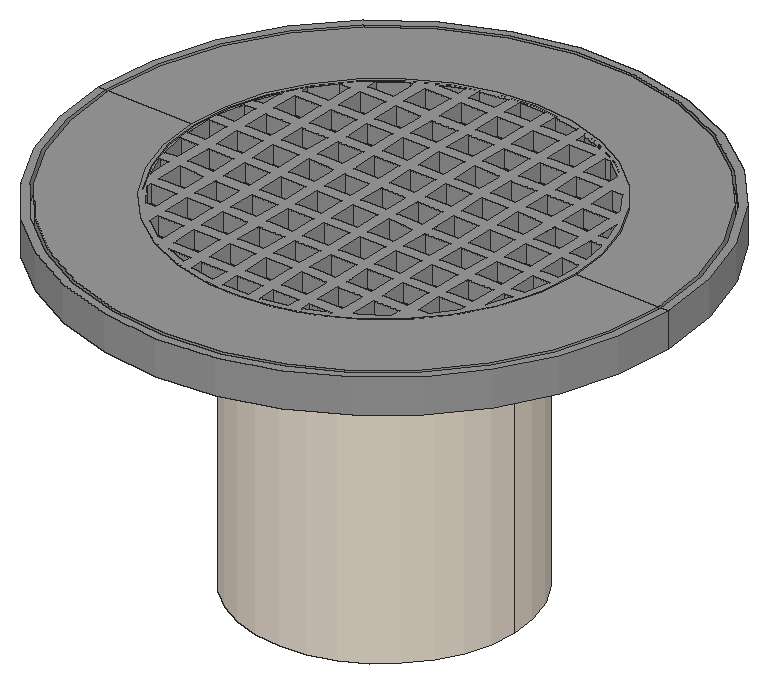
Revit family "Drain_Floor_Adjustable_Zurn-FD2210", category Plumbing Fixtures, Revit 2022
Family settings
  Round Connector Dimension = Use Radius
  Part Type = Normal
  OmniClass Number = 23.70.50.21.24.14
  OmniClass Title = Deck Waste Water Drains
  Work Plane-Based = No
  Always vertical = Yes
  Cut with Voids When Loaded = No
  Maintain Annotation Orientation = No
  Shared = No
  Room Calculation Point = No
Parameters (values of type "FD2210-AB2-2 Inch Outlet")
  Width = 5.188"  # constant formula
  Waste Connection = 0 = 0  # yes
  WFU = 1  # constant formula
  Vent Connection = 0 = 1  # no
  URL = "www.zurn.com"
  Type Comments = ""
  Product data url = "https://www.bimobject.com/en/zurnindustries/product/zurn-fd2210-pv3"
  Product Page URL = "https://www.zurn.com/products/drainage-interceptors/floor-drains/finish-floor-drains/fd2210"
  Product Documentation Link = "https://files.zurn.com/spec-sheets/63746.pdf"
  Pipe Size A (Inner Radius) = 1.034"
  Pipe Size A (Outer Radius) = 1.188"
  Pipe Size A  (Nominal Radius) = 1.000"
  Modified Date = "10/24/2025"  # constant formula
  Model = "FD2210"  # constant formula
  Manufacurer Brand = "Zurn"  # constant formula
  Manufacturer = "Zurn Water, LLC"  # constant formula
  Grate = 1.720"  # constant formula
  Head and Grate = Bronze - Zurn - Polished Nickel
  Enter Value-Frame Adjustment Height [instance] = 1.000"
  Body Height (B) = 2.125"
  HWFU = 0  # constant formula
  HW Connection = 0 = 1  # no
  Grate Open Area Sq.in = 7.000"  # constant formula
  Description = "Adjustable Floor Drain"  # constant formula
  Default Elevation = 25.000"  # constant formula
  Date Created = "09/20/2019"  # constant formula
  CWFU = 0  # constant formula
  Main Material = Acrylonitrile Butadiene Styrene - Zurn - Polished
  CW Connection = 0 = 1  # no
  Assembly Code = "D2030300"
  Frame Adjustment Height [instance] = if([Enter Value-Frame Adjustment Height] < 0.875", 0.875", if([Enter Value-Frame Adjustment Height] > 1.750", 1.750", [Enter Value-Frame Adjustment Height]))  # 1.000"
Types (7): name | Pipe Size A (Inner Radius) | Pipe Size A (Outer Radius) | Pipe Size A  (Nominal Radius) | Body Height (B) | Main Material
  (no name) | 1.034" | 1.188" | 1.000" | 2.125" | Acrylonitrile Butadiene Styrene - Zurn - Polished
  FD2210-PV2-2 Inch Outlet | 1.034" | 1.188" | 1.000" | 2.125" | Polyvinyl Chloride - Zurn - Polished
  FD2210-PV3-3 Inch Outlet | 1.534" | 1.750" | 1.500" | 2.188" | Polyvinyl Chloride - Zurn - Polished
  FD2210-PV4-4 Inch Outlet | 2.013" | 2.250" | 2.000" | 2.188" | Polyvinyl Chloride - Zurn - Polished
  FD2210-AB2-2 Inch Outlet | 1.034" | 1.188" | 1.000" | 2.125" | Acrylonitrile Butadiene Styrene - Zurn - Polished
  FD2210-AB3-3 Inch Outlet | 1.534" | 1.750" | 1.500" | 2.188" | Acrylonitrile Butadiene Styrene - Zurn - Polished
  FD2210-AB4-4 Inch Outlet | 2.013" | 2.250" | 2.000" | 2.188" | Acrylonitrile Butadiene Styrene - Zurn - Polished
Reference planes (in)
  plane 1 "Center (Front/Back)": y = 0
  plane 2: z = 0
  plane 3 "Center (Left/Right)": x = 0
  plane 4: z = -3.125
  plane 5: x = -2.594
  plane 6: x = 2.594
  plane 7: z = -1
  plane 8: x = 2.529
  plane 9: x = 0.846
  plane 10: z = -0.15514
  plane 11: z = -2.25
  plane 12: x = -1.188
  plane 13: x = 1.188
  plane 14: z = -1.5
  plane 15: x = -1.034
  plane 16: x = 1.034
  plane 17: z = -0.3125
  plane 18: x = 1.16547
  plane 19: x = 2.5
  plane 20: z = -0.125
  plane 21: x = 2
  plane 22: x = 1.67524
  plane 23: y = 2.594
  plane 24: y = -2.594
  plane 25: z = -0.22754
  plane 26: y = 1.188
  plane 27: y = -1.188
  plane 28: x = -1.188
  plane 29: x = 1.188
  plane 30: y = 0.58333
  plane 31: y = 1.75
  plane 32: y = -1.75
  plane 33: y = 1.16667
  plane 34: y = -0.58333
  plane 35: y = -1.16667
  plane 36: x = -1.75
  plane 37: x = 1.75
  plane 38: x = -1.16667
  plane 39: x = -0.58333
  plane 40: x = 0.58333
  plane 41: x = 1.16667
Forms (in)
  Revolve 1, solid, material "Bronze - Zurn - Polished Nickel" <- "Head and Grate", detail levels fine
    sketch origin (0, 0, 0) x (1, 0, 0) y (0, 0, 1)
      loop
        line (0.846, -0.36438) -> (0.846, -1.5) -> (1.034, -1.5) -> (1.034, -0.44397) -> (1.16547, -0.3125) -> (2.594, -0.3125) -> (2.594, 0) -> (2.529, 0) -> (2.529, -0.15514) -> (1.03474, -0.15514) -> (0.846, -0.36438)
      axis (0, 0) -> (0, -1.5)
    angle from 0 to 360
  Revolve 2, solid, material "Acrylonitrile Butadiene Styrene - Zurn - Polished" <- "Main Material", detail levels fine
    sketch origin (0, 0, 0) x (1, 0, 0) y (0, 0, 1)
      loop
        line (1.034, -1) -> (1.034, -3.125) -> (1.188, -3.125) -> (1.188, -1) -> (1.034, -1)
      axis (0, -3.125) -> (0, -1)
    angle from 0 to 360
  Revolve 3, solid, material "Bronze - Zurn - Polished Nickel" <- "Head and Grate", detail levels fine
    sketch origin (0, 0, 0) x (1, 0, 0) y (0, 0, 1)
      loop
        line (2, -0.125) -> (2.5, -0.125) -> (2.5, 0) -> (0, 0) -> (0, -0.3125) -> (1.67524, -0.3125) -> (2, -0.125)
      axis (0, 0) -> (0, -0.3125)
    angle from 0 to 360
  Extrusion 4, void, detail levels fine
    sketch origin (0, 0, 0) x (1, 0, 0) y (0, 1, 0)
      loop
        circle (0, 0) r 1.72
    from -0.22754 to 0
Cuts and joins
  Extrusion 4 cuts Revolve 3
Lines and regions (in)
  Masking region 1, detail levels fine
    outline origin (0, 0, 0) x (1, 0, 0) y (0, 1, 0)
      loop
        circle (0, 0) r 2.594
  model lines, detail levels coarse+medium
    curve 1: circle (0, 0, 0) r 2.594 normal (0, 0, 1)
    curve 2: circle (0, 0, 0) r 1.75 normal (0, 0, 1)
    curve 3: line (0, 0, 0) -> (0, 0, -3.125)
    curve 4: line (0, 1.188, -3.125) -> (0, -1.188, -3.125)
    curve 5: line (-1.188, 0, -3.125) -> (1.188, 0, -3.125)
    curve 6: line (-1.16667, 1.30437, 0) -> (-1.16667, -1.30437, 0)
    curve 7: line (-0.58333, 1.64992, 0) -> (-0.58333, -1.64992, 0)
    curve 8: line (0, 1.75, 0) -> (0, -1.75, 0)
    curve 9: line (1.16667, 1.30437, 0) -> (1.16667, -1.30437, 0)
    curve 10: line (0.58333, 1.64992, 0) -> (0.58333, -1.64992, 0)
    curve 11: line (-1.30437, 1.16667, 0) -> (1.30437, 1.16667, 0)
    curve 12: line (-1.64992, 0.58333, 0) -> (1.64992, 0.58333, 0)
    curve 13: line (-1.75, 0, 0) -> (1.75, 0, 0)
    curve 14: line (-1.30437, -1.16667, 0) -> (1.30437, -1.16667, 0)
    curve 15: line (-1.64992, -0.58333, 0) -> (1.64992, -0.58333, 0)
Dimensions and locks (in)
  equal spacing: plane 6, plane 3 "Center (Left/Right)", plane 5
  "Width": plane 6 to plane 5
  "Frame Adjustment Height": level to plane 7
  plane 6 to plane 8 = 0.065"
  "Body Height (B)": plane 7 to plane 4
  plane 7 to plane 11 = 1.250"
  plane 11 to plane 4 = 0.875"
  locked: plane 7 to plane 14 at 0.5
  equal spacing: plane 13, plane 3 "Center (Left/Right)", plane 12
  "Pipe Size A (Outer Radius)": plane 13 to plane 3 "Center (Left/Right)"
  "Pipe Size A (Outer Radius)": plane 3 "Center (Left/Right)" to plane 12
  equal spacing: plane 16, plane 3 "Center (Left/Right)", plane 15
  plane 16 to plane 15 = 2.068"
  plane 16 to plane 9 = 0.188"  (x2)
  "Pipe Size A (Inner Radius)": plane 3 "Center (Left/Right)" to plane 15
  "Pipe Size A (Inner Radius)": plane 16 to plane 3 "Center (Left/Right)"
  level to plane 17 = 0.3125"
  plane 18 to plane 16 = 0.13147"
  level to plane 10 = 0.15514"
  plane 10 to plane 17 = 0.15736"
  plane 19 to plane 3 "Center (Left/Right)" = 2.500"
  plane 5 to plane 6 = 5.188"
  plane 15 to plane 16 = 2.068"
  equal spacing: plane 23, plane 1 "Center (Front/Back)", plane 24
  "Width": plane 23 to plane 24
  level to plane 25 = 0.22754"
  "Pipe Size A (Outer Radius)": plane 26 to plane 1 "Center (Front/Back)"
  "Pipe Size A (Outer Radius)": plane 1 "Center (Front/Back)" to plane 27
  "Pipe Size A (Outer Radius)": plane 28 to plane 3 "Center (Left/Right)"
  "Pipe Size A (Outer Radius)": plane 3 "Center (Left/Right)" to plane 29
  equal spacing: plane 31, plane 1 "Center (Front/Back)", plane 32
  plane 31 to plane 1 "Center (Front/Back)" = 1.750"
  plane 31 to plane 33 to plane 30 to plane 1 "Center (Front/Back)" to plane 34 to plane 35 to plane 32 = 0.58333", 0.58333", 0.58333", 0.58333", 0.58333", 0.58333"
  equal spacing: plane 36, plane 3 "Center (Left/Right)", plane 37
  plane 36 to plane 3 "Center (Left/Right)" = 1.750"
  plane 36 to plane 38 to plane 39 to plane 3 "Center (Left/Right)" to plane 40 to plane 41 to plane 37 = 0.58333", 0.58333", 0.58333", 0.58333", 0.58333", 0.58333"
  "Grate": radius of Extrusion 4 sketch curve
  aligned and locked: plane 2 to level
  aligned and locked: plane 6 to Revolve 1 sketch curve
  aligned and locked: Revolve 1 sketch curve to level
  aligned and locked: Revolve 1 sketch curve to plane 9
  aligned and locked: plane 8 to Revolve 1 sketch curve
  aligned and locked: plane 14 to Revolve 1 sketch curve
  aligned and locked: plane 4 to Revolve 2 sketch curve  (x2)
  aligned and locked: Revolve 2 sketch curve to plane 13
  aligned and locked: Revolve 2 sketch curve to plane 7
  aligned and locked: plane 3 "Center (Left/Right)" to Revolve 2 sketch curve
  aligned and locked: plane 16 to Revolve 1 sketch curve
  aligned and locked: plane 16 to Revolve 2 sketch curve
  aligned and locked: plane 10 to Revolve 1 sketch curve
  aligned and locked: Revolve 3 sketch curve to plane 3 "Center (Left/Right)"  (x2)
  aligned and locked: Revolve 1 sketch curve to plane 17
  aligned and locked: plane 18 to Revolve 1 sketch curve
  aligned and locked: plane 19 to Revolve 3 sketch curve
  aligned and locked: level to Revolve 3 sketch curve
  aligned and locked: Revolve 3 sketch curve to plane 17
  aligned and locked: plane 20 to Revolve 3 sketch curve
  aligned and locked: plane 22 to Revolve 3 sketch curve
  aligned and locked: plane 21 to Revolve 3 sketch curve
  aligned and locked: plane 3 "Center (Left/Right)" to Extrusion 4 sketch curve
  aligned and locked: plane 1 "Center (Front/Back)" to Extrusion 4 sketch curve
  aligned and locked: level to Extrusion 4
  aligned and locked: plane 1 "Center (Front/Back)" to nested 1
  aligned and locked: plane 3 "Center (Left/Right)" to nested 1
  aligned and locked: plane 3 "Center (Left/Right)" to curve 1
  aligned and locked: plane 1 "Center (Front/Back)" to curve 1
  aligned and locked: plane 3 "Center (Left/Right)" to curve 2
  aligned and locked: plane 1 "Center (Front/Back)" to curve 2
  aligned and locked: level to curve 3
  aligned and locked: plane 4 to curve 3
  aligned and locked: curve 3 to plane 1 "Center (Front/Back)"
  aligned and locked: plane 26 to curve 4
  aligned and locked: plane 27 to curve 4
  aligned and locked: curve 4 to plane 4
  aligned and locked: plane 28 to curve 5
  aligned and locked: plane 29 to curve 5
  aligned and locked: plane 1 "Center (Front/Back)" to curve 5
  aligned and locked: curve 6 to plane 38
  aligned and locked: curve 7 to plane 39
  aligned and locked: curve 8 to plane 3 "Center (Left/Right)"
  aligned and locked: curve 10 to plane 40
  aligned and locked: curve 9 to plane 41
  aligned and locked: curve 11 to plane 33
  aligned and locked: curve 12 to plane 30
  aligned and locked: plane 1 "Center (Front/Back)" to curve 13
  aligned and locked: curve 15 to plane 34
  aligned and locked: curve 14 to plane 35
  aligned and locked: plane 3 "Center (Left/Right)" to Masking region 1 sketch curve
  aligned and locked: plane 1 "Center (Front/Back)" to Masking region 1 sketch curve
Automatic sketch dimensions
  Revolve 2 sketch curve to plane 7 = 0.000"
  curve 13 to plane 36 = 0.000"
  Revolve 1 sketch curve to plane 3 "Center (Left/Right)" = 0.000"
  plane 16 to Revolve 1 sketch curve = 0.00074"
  Revolve 1 sketch curve to plane 17 = 0.13147"
  Revolve 1 sketch curve to plane 17 = 0.05188"
  plane 7 to Revolve 1 sketch curve = 0.11734"
  level to Revolve 1 sketch curve = 2.34486"
  Revolve 3 sketch curve to plane 4 = 0.24492"
  level to Revolve 3 sketch curve = 1.000"
  radius of curve 1 = 2.594"
  radius of Masking region 1 sketch curve = 2.594"
Nested families (in)
  nested 1: "Grate" at (0, 0, 0), Grate Material <- "Head and Grate", type "Grate", detail levels fine
    with Grate Material Bronze - Zurn - Polished Nickel
Connectors (in)
  piping at (0, 0, -3.125), diameter 2, driven by "Pipe Size A  (Nominal Radius)", driven by "Waste Connection"
    settings: on Revolve 2, index 1, connector inside diameter 24", connector length 0.000", flow factor 0, pipe flow 0 GPM, pressure drop 0.00 psi, fitting loss kfactor 0, connector angle 0.00°, fixture units 0, engagement length 0.000", angle of deflection 0.00°, flow configuration 0, flow direction 2, fitting loss method 0, system type 16, joint type 0, gender type 0, connector reference index -1, connector utility 1, adjustable connector no, is connector primary yes, connector description "Outlet Connection"
Definition of nested family "Grate"
  Parameters (values of type "Grate")
    URL = "www.zurn.com"
    Product data url = ""
    Product Page URL = ""
    Product Installation Sheet URL = ""
    Product Documentation Link = ""
    Modified Date = ""
    Manufacurer Brand = "Zurn"  # constant formula
    Manufacturer = "Zurn Water, LLC"  # constant formula
    Grate Material [instance] = none
    Default Elevation = 0.000"
    Date Created = ""
    Approx. Weight (Lbs) = 0.000"
  Reference planes (in)
    plane 1 "Center (Front/Back)": y = 0
    plane 2: z = 0
    plane 3 "Center (Left/Right)": x = 0
    plane 4: z = -0.225
  Forms (in)
    Extrusion 1, solid, material <- "Grate Material"
      sketch origin (0, 0, 0) x (1, 0, 0) y (0, 1, 0)
        loop
          circle (0, 0) r 1.75
      from 0 to -0.225
    Extrusion 2, void
      sketch origin (0, 0, 0) x (1, 0, 0) y (0, 1, 0)
        loop
          line (-0.44357, 1.42823) -> (-0.44357, 1.19386) -> (-0.2092, 1.19386) -> (-0.2092, 1.42823) -> (-0.44357, 1.42823)
        loop
          line (-0.11545, 1.42823) -> (-0.11545, 1.19386) -> (0.11893, 1.19386) -> (0.11893, 1.42823) -> (-0.11545, 1.42823)
        loop
          line (-0.7717, 1.19386) -> (-0.53732, 1.19386) -> (-0.53732, 1.42823) -> (-0.7717, 1.42823) -> (-0.7717, 1.19386)
        loop
          line (-0.86545, 1.10011) -> (-1.09982, 1.10011) -> (-1.09982, 0.86573) -> (-0.86545, 0.86573) -> (-0.86545, 1.10011)
        loop
          line (-1.19357, 0.77198) -> (-1.42795, 0.77198) -> (-1.42795, 0.53761) -> (-1.19357, 0.53761) -> (-1.19357, 0.77198)
        loop
          line (-0.7717, 0.86573) -> (-0.53732, 0.86573) -> (-0.53732, 1.10011) -> (-0.7717, 1.10011) -> (-0.7717, 0.86573)
        loop
          line (-0.44357, 0.86573) -> (-0.2092, 0.86573) -> (-0.2092, 1.10011) -> (-0.44357, 1.10011) -> (-0.44357, 0.86573)
        loop
          line (-0.11545, 0.86573) -> (0.11893, 0.86573) -> (0.11893, 1.10011) -> (-0.11545, 1.10011) -> (-0.11545, 0.86573)
        loop
          line (-0.11545, 0.77198) -> (-0.11545, 0.53761) -> (0.11893, 0.53761) -> (0.11893, 0.77198) -> (-0.11545, 0.77198)
        loop
          line (-0.2092, 0.77198) -> (-0.44357, 0.77198) -> (-0.44357, 0.53761) -> (-0.2092, 0.53761) -> (-0.2092, 0.77198)
        loop
          line (-0.53732, 0.77198) -> (-0.7717, 0.77198) -> (-0.7717, 0.53761) -> (-0.53732, 0.53761) -> (-0.53732, 0.77198)
        loop
          line (-0.86545, 0.77198) -> (-1.09982, 0.77198) -> (-1.09982, 0.53761) -> (-0.86545, 0.53761) -> (-0.86545, 0.77198)
        loop
          line (0.11893, 0.44386) -> (-0.11545, 0.44386) -> (-0.11545, 0.20948) -> (0.11893, 0.20948) -> (0.11893, 0.44386)
        loop
          line (-0.2092, 0.44386) -> (-0.44357, 0.44386) -> (-0.44357, 0.20948) -> (-0.2092, 0.20948) -> (-0.2092, 0.44386)
        loop
          line (-0.53732, 0.44386) -> (-0.7717, 0.44386) -> (-0.7717, 0.20948) -> (-0.53732, 0.20948) -> (-0.53732, 0.44386)
        loop
          line (-0.86545, 0.44386) -> (-1.09982, 0.44386) -> (-1.09982, 0.20948) -> (-0.86545, 0.20948) -> (-0.86545, 0.44386)
        loop
          line (-1.19357, 0.44386) -> (-1.42795, 0.44386) -> (-1.42795, 0.20948) -> (-1.19357, 0.20948) -> (-1.19357, 0.44386)
        loop
          line (-1.19357, 0.11573) -> (-1.42795, 0.11573) -> (-1.42795, -0.11864) -> (-1.19357, -0.11864) -> (-1.19357, 0.11573)
        loop
          line (-1.09982, -0.11864) -> (-0.86545, -0.11864) -> (-0.86545, 0.11573) -> (-1.09982, 0.11573) -> (-1.09982, -0.11864)
        loop
          line (-0.7717, -0.11864) -> (-0.53732, -0.11864) -> (-0.53732, 0.11573) -> (-0.7717, 0.11573) -> (-0.7717, -0.11864)
        loop
          line (-0.44357, -0.11864) -> (-0.2092, -0.11864) -> (-0.2092, 0.11573) -> (-0.44357, 0.11573) -> (-0.44357, -0.11864)
        loop
          line (-0.11545, -0.11864) -> (0.11893, -0.11864) -> (0.11893, 0.11573) -> (-0.11545, 0.11573) -> (-0.11545, -0.11864)
        loop
          arc (-1.2877, 1.10011) -> (-1.36113, 1.00795) -> (-1.42795, 0.91089) r 1.6875
          line (-1.42795, 0.91089) -> (-1.42795, 0.86573) -> (-1.19357, 0.86573) -> (-1.19357, 1.10011) -> (-1.2877, 1.10011)
        loop
          line (-0.86545, 1.42823) -> (-0.90912, 1.42823)
          arc (-0.90912, 1.42823) -> (-1.00694, 1.36127) -> (-1.09982, 1.28761) r 1.6875
          line (-1.09982, 1.28761) -> (-1.09982, 1.19386) -> (-0.86545, 1.19386) -> (-0.86545, 1.42823)
        loop
          arc (-0.2092, 1.67826) -> (-0.32719, 1.65965) -> (-0.44357, 1.63273) r 1.6875
          line (-0.44357, 1.63273) -> (-0.44357, 1.52198) -> (-0.2092, 1.52198) -> (-0.2092, 1.67826)
        loop
          line (0.11893, 1.52198) -> (0.11893, 1.68602)
          arc (0.11893, 1.68602) -> (0.00176, 1.6906) -> (-0.11545, 1.68702) r 1.6875
          line (-0.11545, 1.68702) -> (-0.11545, 1.52198) -> (0.11893, 1.52198)
        loop
          arc (-0.53732, 1.60459) -> (-0.64037, 1.5666) -> (-0.74073, 1.52198) r 1.6875
          line (-0.74073, 1.52198) -> (-0.53732, 1.52198) -> (-0.53732, 1.60459)
        loop
          arc (-1.5217, 0.74375) -> (-1.56727, 0.64207) -> (-1.60603, 0.53761) r 1.6875
          line (-1.60603, 0.53761) -> (-1.5217, 0.53761) -> (-1.5217, 0.74375)
        loop
          line (-1.5217, 0.44386) -> (-1.63434, 0.44386)
          arc (-1.63434, 0.44386) -> (-1.66144, 0.32748) -> (-1.68025, 0.20948) r 1.6875
          line (-1.68025, 0.20948) -> (-1.5217, 0.20948) -> (-1.5217, 0.44386)
        loop
          line (-1.5217, 0.11573) -> (-1.68915, 0.11573)
          arc (-1.68915, 0.11573) -> (-1.69291, -0.00147) -> (-1.68852, -0.11864) r 1.6875
          line (-1.68852, -0.11864) -> (-1.5217, -0.11864) -> (-1.5217, 0.11573)
        loop
          line (0.44705, 1.42823) -> (0.21268, 1.42823) -> (0.21268, 1.19386) -> (0.44705, 1.19386) -> (0.44705, 1.42823)
        loop
          line (0.77518, 1.19386) -> (0.77518, 1.42823) -> (0.5408, 1.42823) -> (0.5408, 1.19386) -> (0.77518, 1.19386)
        loop
          line (0.86893, 1.10011) -> (0.86893, 0.86573) -> (1.1033, 0.86573) -> (1.1033, 1.10011) -> (0.86893, 1.10011)
        loop
          line (1.19705, 0.77198) -> (1.19705, 0.53761) -> (1.43143, 0.53761) -> (1.43143, 0.77198) -> (1.19705, 0.77198)
        loop
          line (0.77518, 0.86573) -> (0.77518, 1.10011) -> (0.5408, 1.10011) -> (0.5408, 0.86573) -> (0.77518, 0.86573)
        loop
          line (0.44705, 0.86573) -> (0.44705, 1.10011) -> (0.21268, 1.10011) -> (0.21268, 0.86573) -> (0.44705, 0.86573)
        loop
          line (0.21268, 0.77198) -> (0.21268, 0.53761) -> (0.44705, 0.53761) -> (0.44705, 0.77198) -> (0.21268, 0.77198)
        loop
          line (0.5408, 0.77198) -> (0.5408, 0.53761) -> (0.77518, 0.53761) -> (0.77518, 0.77198) -> (0.5408, 0.77198)
        loop
          line (0.86893, 0.77198) -> (0.86893, 0.53761) -> (1.1033, 0.53761) -> (1.1033, 0.77198) -> (0.86893, 0.77198)
        loop
          line (0.21268, 0.44386) -> (0.21268, 0.20948) -> (0.44705, 0.20948) -> (0.44705, 0.44386) -> (0.21268, 0.44386)
        loop
          line (0.5408, 0.44386) -> (0.5408, 0.20948) -> (0.77518, 0.20948) -> (0.77518, 0.44386) -> (0.5408, 0.44386)
        loop
          line (0.86893, 0.44386) -> (0.86893, 0.20948) -> (1.1033, 0.20948) -> (1.1033, 0.44386) -> (0.86893, 0.44386)
        loop
          line (1.19705, 0.44386) -> (1.19705, 0.20948) -> (1.43143, 0.20948) -> (1.43143, 0.44386) -> (1.19705, 0.44386)
        loop
          line (1.29118, 1.10011) -> (1.19705, 1.10011) -> (1.19705, 0.86573) -> (1.43143, 0.86573) -> (1.43143, 0.91089)
          arc (1.43143, 0.91089) -> (1.36461, 1.00795) -> (1.29118, 1.10011) r 1.6875
        loop
          line (0.86893, 1.42823) -> (0.86893, 1.19386) -> (1.1033, 1.19386) -> (1.1033, 1.28761)
          arc (1.1033, 1.28761) -> (1.01042, 1.36127) -> (0.9126, 1.42823) r 1.6875
          line (0.9126, 1.42823) -> (0.86893, 1.42823)
        loop
          line (0.21268, 1.67826) -> (0.21268, 1.52198) -> (0.44705, 1.52198) -> (0.44705, 1.63273)
          arc (0.44705, 1.63273) -> (0.33067, 1.65965) -> (0.21268, 1.67826) r 1.6875
        loop
          line (0.5408, 1.60459) -> (0.5408, 1.52198) -> (0.74421, 1.52198)
          arc (0.74421, 1.52198) -> (0.64385, 1.5666) -> (0.5408, 1.60459) r 1.6875
        loop
          line (1.52518, 0.74375) -> (1.52518, 0.53761) -> (1.60951, 0.53761)
          arc (1.60951, 0.53761) -> (1.57075, 0.64207) -> (1.52518, 0.74375) r 1.6875
        loop
          line (1.52518, 0.44386) -> (1.52518, 0.20948) -> (1.68373, 0.20948)
          arc (1.68373, 0.20948) -> (1.66493, 0.32748) -> (1.63782, 0.44386) r 1.6875
          line (1.63782, 0.44386) -> (1.52518, 0.44386)
        loop
          line (0.44705, -1.43114) -> (0.44705, -1.19677) -> (0.21268, -1.19677) -> (0.21268, -1.43114) -> (0.44705, -1.43114)
        loop
          line (0.77518, -1.19677) -> (0.5408, -1.19677) -> (0.5408, -1.43114) -> (0.77518, -1.43114) -> (0.77518, -1.19677)
        loop
          line (0.86893, -1.10302) -> (1.1033, -1.10302) -> (1.1033, -0.86864) -> (0.86893, -0.86864) -> (0.86893, -1.10302)
        loop
          line (1.19705, -0.77489) -> (1.43143, -0.77489) -> (1.43143, -0.54052) -> (1.19705, -0.54052) -> (1.19705, -0.77489)
        loop
          line (0.77518, -0.86864) -> (0.5408, -0.86864) -> (0.5408, -1.10302) -> (0.77518, -1.10302) -> (0.77518, -0.86864)
        loop
          line (0.44705, -0.86864) -> (0.21268, -0.86864) -> (0.21268, -1.10302) -> (0.44705, -1.10302) -> (0.44705, -0.86864)
        loop
          line (0.21268, -0.77489) -> (0.44705, -0.77489) -> (0.44705, -0.54052) -> (0.21268, -0.54052) -> (0.21268, -0.77489)
        loop
          line (0.5408, -0.77489) -> (0.77518, -0.77489) -> (0.77518, -0.54052) -> (0.5408, -0.54052) -> (0.5408, -0.77489)
        loop
          line (0.86893, -0.77489) -> (1.1033, -0.77489) -> (1.1033, -0.54052) -> (0.86893, -0.54052) -> (0.86893, -0.77489)
        loop
          line (0.21268, -0.44677) -> (0.44705, -0.44677) -> (0.44705, -0.21239) -> (0.21268, -0.21239) -> (0.21268, -0.44677)
        loop
          line (0.5408, -0.44677) -> (0.77518, -0.44677) -> (0.77518, -0.21239) -> (0.5408, -0.21239) -> (0.5408, -0.44677)
        loop
          line (0.86893, -0.44677) -> (1.1033, -0.44677) -> (1.1033, -0.21239) -> (0.86893, -0.21239) -> (0.86893, -0.44677)
        loop
          line (1.19705, -0.44677) -> (1.43143, -0.44677) -> (1.43143, -0.21239) -> (1.19705, -0.21239) -> (1.19705, -0.44677)
        loop
          arc (1.29118, -1.10302) -> (1.36461, -1.01086) -> (1.43143, -0.91379) r 1.6875
          line (1.43143, -0.91379) -> (1.43143, -0.86864) -> (1.19705, -0.86864) -> (1.19705, -1.10302) -> (1.29118, -1.10302)
        loop
          line (0.86893, -1.43114) -> (0.9126, -1.43114)
          arc (0.9126, -1.43114) -> (1.01042, -1.36418) -> (1.1033, -1.29051) r 1.6875
          line (1.1033, -1.29051) -> (1.1033, -1.19677) -> (0.86893, -1.19677) -> (0.86893, -1.43114)
        loop
          arc (0.21268, -1.68117) -> (0.33067, -1.66256) -> (0.44705, -1.63564) r 1.6875
          line (0.44705, -1.63564) -> (0.44705, -1.52489) -> (0.21268, -1.52489) -> (0.21268, -1.68117)
        loop
          arc (0.5408, -1.6075) -> (0.64385, -1.56951) -> (0.74421, -1.52489) r 1.6875
          line (0.74421, -1.52489) -> (0.5408, -1.52489) -> (0.5408, -1.6075)
        loop
          arc (1.52518, -0.74666) -> (1.57075, -0.64498) -> (1.60951, -0.54052) r 1.6875
          line (1.60951, -0.54052) -> (1.52518, -0.54052) -> (1.52518, -0.74666)
        loop
          line (1.52518, -0.44677) -> (1.63782, -0.44677)
          arc (1.63782, -0.44677) -> (1.66493, -0.33039) -> (1.68373, -0.21239) r 1.6875
          line (1.68373, -0.21239) -> (1.52518, -0.21239) -> (1.52518, -0.44677)
        loop
          line (-0.44357, -1.43114) -> (-0.2092, -1.43114) -> (-0.2092, -1.19677) -> (-0.44357, -1.19677) -> (-0.44357, -1.43114)
        loop
          line (-0.7717, -1.19677) -> (-0.7717, -1.43114) -> (-0.53732, -1.43114) -> (-0.53732, -1.19677) -> (-0.7717, -1.19677)
        loop
          line (-0.86545, -1.10302) -> (-0.86545, -0.86864) -> (-1.09982, -0.86864) -> (-1.09982, -1.10302) -> (-0.86545, -1.10302)
        loop
          line (-1.19357, -0.77489) -> (-1.19357, -0.54052) -> (-1.42795, -0.54052) -> (-1.42795, -0.77489) -> (-1.19357, -0.77489)
        loop
          line (-0.7717, -0.86864) -> (-0.7717, -1.10302) -> (-0.53732, -1.10302) -> (-0.53732, -0.86864) -> (-0.7717, -0.86864)
        loop
          line (-0.44357, -0.86864) -> (-0.44357, -1.10302) -> (-0.2092, -1.10302) -> (-0.2092, -0.86864) -> (-0.44357, -0.86864)
        loop
          line (-0.2092, -0.77489) -> (-0.2092, -0.54052) -> (-0.44357, -0.54052) -> (-0.44357, -0.77489) -> (-0.2092, -0.77489)
        loop
          line (-0.53732, -0.77489) -> (-0.53732, -0.54052) -> (-0.7717, -0.54052) -> (-0.7717, -0.77489) -> (-0.53732, -0.77489)
        loop
          line (-0.86545, -0.77489) -> (-0.86545, -0.54052) -> (-1.09982, -0.54052) -> (-1.09982, -0.77489) -> (-0.86545, -0.77489)
        loop
          line (-0.2092, -0.44677) -> (-0.2092, -0.21239) -> (-0.44357, -0.21239) -> (-0.44357, -0.44677) -> (-0.2092, -0.44677)
        loop
          line (-0.53732, -0.44677) -> (-0.53732, -0.21239) -> (-0.7717, -0.21239) -> (-0.7717, -0.44677) -> (-0.53732, -0.44677)
        loop
          line (-0.86545, -0.44677) -> (-0.86545, -0.21239) -> (-1.09982, -0.21239) -> (-1.09982, -0.44677) -> (-0.86545, -0.44677)
        loop
          line (-1.19357, -0.44677) -> (-1.19357, -0.21239) -> (-1.42795, -0.21239) -> (-1.42795, -0.44677) -> (-1.19357, -0.44677)
        loop
          line (-1.2877, -1.10302) -> (-1.19357, -1.10302) -> (-1.19357, -0.86864) -> (-1.42795, -0.86864) -> (-1.42795, -0.91379)
          arc (-1.42795, -0.91379) -> (-1.36113, -1.01086) -> (-1.2877, -1.10302) r 1.6875
        loop
          line (-0.86545, -1.43114) -> (-0.86545, -1.19677) -> (-1.09982, -1.19677) -> (-1.09982, -1.29051)
          arc (-1.09982, -1.29051) -> (-1.00694, -1.36418) -> (-0.90912, -1.43114) r 1.6875
          line (-0.90912, -1.43114) -> (-0.86545, -1.43114)
        loop
          line (-0.2092, -1.68117) -> (-0.2092, -1.52489) -> (-0.44357, -1.52489) -> (-0.44357, -1.63564)
          arc (-0.44357, -1.63564) -> (-0.32719, -1.66256) -> (-0.2092, -1.68117) r 1.6875
        loop
          line (-0.53732, -1.6075) -> (-0.53732, -1.52489) -> (-0.74073, -1.52489)
          arc (-0.74073, -1.52489) -> (-0.64037, -1.56951) -> (-0.53732, -1.6075) r 1.6875
        loop
          line (-1.5217, -0.74666) -> (-1.5217, -0.54052) -> (-1.60603, -0.54052)
          arc (-1.60603, -0.54052) -> (-1.56727, -0.64498) -> (-1.5217, -0.74666) r 1.6875
        loop
          line (-1.5217, -0.44677) -> (-1.5217, -0.21239) -> (-1.68025, -0.21239)
          arc (-1.68025, -0.21239) -> (-1.66144, -0.33039) -> (-1.63434, -0.44677) r 1.6875
          line (-1.63434, -0.44677) -> (-1.5217, -0.44677)
        loop
          line (1.19705, 0.11573) -> (1.19705, -0.11864) -> (1.43143, -0.11864) -> (1.43143, 0.11573) -> (1.19705, 0.11573)
        loop
          line (1.1033, -0.11864) -> (1.1033, 0.11573) -> (0.86893, 0.11573) -> (0.86893, -0.11864) -> (1.1033, -0.11864)
        loop
          line (0.77518, -0.11864) -> (0.77518, 0.11573) -> (0.5408, 0.11573) -> (0.5408, -0.11864) -> (0.77518, -0.11864)
        loop
          line (0.44705, -0.11864) -> (0.44705, 0.11573) -> (0.21268, 0.11573) -> (0.21268, -0.11864) -> (0.44705, -0.11864)
        loop
          line (1.52518, 0.11573) -> (1.52518, -0.11864) -> (1.692, -0.11864)
          arc (1.692, -0.11864) -> (1.69639, -0.00147) -> (1.69263, 0.11573) r 1.6875
          line (1.69263, 0.11573) -> (1.52518, 0.11573)
        loop
          line (-0.11545, -1.43114) -> (0.11893, -1.43114) -> (0.11893, -1.19677) -> (-0.11545, -1.19677) -> (-0.11545, -1.43114)
        loop
          line (-0.11545, -0.86864) -> (-0.11545, -1.10302) -> (0.11893, -1.10302) -> (0.11893, -0.86864) -> (-0.11545, -0.86864)
        loop
          line (-0.11545, -0.77489) -> (0.11893, -0.77489) -> (0.11893, -0.54052) -> (-0.11545, -0.54052) -> (-0.11545, -0.77489)
        loop
          line (0.11893, -0.44677) -> (0.11893, -0.21239) -> (-0.11545, -0.21239) -> (-0.11545, -0.44677) -> (0.11893, -0.44677)
        loop
          line (0.11893, -1.52489) -> (-0.11545, -1.52489) -> (-0.11545, -1.68993)
          arc (-0.11545, -1.68993) -> (0.00176, -1.6935) -> (0.11893, -1.68893) r 1.6875
          line (0.11893, -1.68893) -> (0.11893, -1.52489)
      from 0 to -0.225
  Cuts and joins
    Extrusion 2 cuts Extrusion 1
  Dimensions and locks (in)
    level to plane 4 = 0.225"
    aligned and locked: plane 2 to level
    aligned and locked: plane 3 "Center (Left/Right)" to Extrusion 1 sketch curve
    aligned and locked: plane 1 "Center (Front/Back)" to Extrusion 1 sketch curve
    aligned and locked: level to Extrusion 1
    aligned and locked: Extrusion 1 to plane 4
    aligned and locked: level to Extrusion 2
    aligned and locked: Extrusion 2 to plane 4
